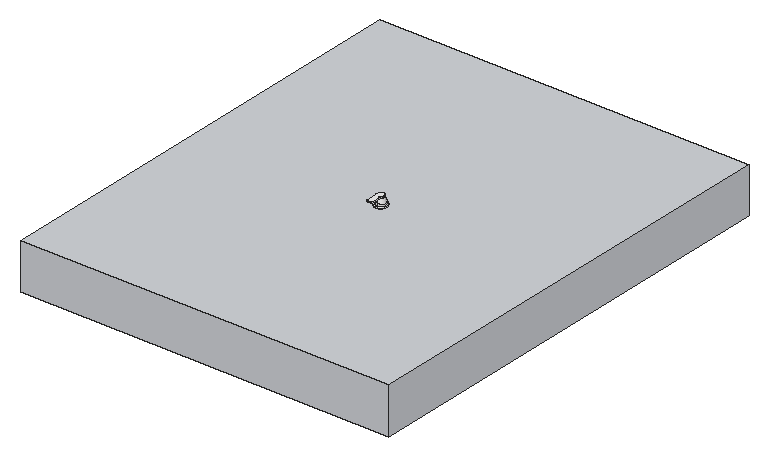
Revit family "Trim_Set-GROHE-Defined-29299_Series", category Plumbing Fixtures, host Face, Revit 2019
Family settings
  Host = Face
  Round Connector Dimension = Use Diameter
  Part Type = Normal
  OmniClass Number = 23.45.05.14.17
  OmniClass Title = Showers
  Cut with Voids When Loaded = No
  Shared = Yes
  Room Calculation Point = No
Parameters (values of type "29299000")
  cUPC Compliant = yes
  Width = 3 1/8"  # constant formula
  Waste Connection = no
  Warranty Information = "Limited lifetime warranty"  # constant formula
  WFU = 0  # constant formula
  Vent Connection = no
  URL = "https://www.grohe.us/"
  Type Comments = ""
  Top Flow Rate = "3.0 gpm"
  Tempered Water Connection = yes
  Spout Tempered Connection Diameter = if(Spout Connection, 1/2", 0")  # 1/2"
  Spout Connection Description = if(Spout Connection, "1/2 NPT Spout Global Outlet", "")  # "1/2 NPT Spout Global Outlet"
  Spout Connection = yes
  Shower Tempered Connection Diameter = if(Shower Connection, 1/2", 0")  # 1/2"
  Shower Connection Description = if(Shower Connection, "1/2 NPT Global Shower Outlet", "")  # "1/2 NPT Global Shower Outlet"
  Shower Connection = yes
  Revised Date = "06/06/2023"  # constant formula
  Product Page URL = "https://www.grohe.us/Bath-Shower-Trim-Kits/Pressure-Balance-Valve-Trim/GROHE-CHROME-29298000"
  Product Documentation Link = "https://americanstandard.box.com/shared/static/3sypuc5k9qyl7vecyqh6eje1fnvupn0p.pdf"
  Model = "29299000"
  Material = "Brass-Grohe-000-Starlight Chrome"
  Manufacturer = "Grohe"  # constant formula
  Length = 2 3/8"  # constant formula
  Installation Type = "Wall Mounted"  # constant formula
  Hot Water Connection Radius = Hot Water Connection Diameter / 2  # 1/4"
  Hot Water Connection Diameter = Cold Water Connection Diameter  # 1/2"
  HWFU = 3  # constant formula
  HW Connection = yes
  Finish = Brass-Grohe-000-Starlight Chrome
  Description = "DEFINED 2-Way Diverter Trim Starlight Chrome"
  Default Elevation = 44"  # constant formula
  Creation Date = "03/04/2019"  # constant formula
  Connection From Wall front To Central of pipe = 2 1/8"
  Cold Water Connection Radius = 1/4"  # constant formula
  Cold Water Connection Diameter = Cold Water Connection Radius * 2  # 1/2"
  CWFU = 3  # constant formula
  CW Connection = yes
  Bottom Flow Rate = "5.2 gpm"
  Assembly Code = "D2010710"
  ADA Compliant = yes
  35112000 Pressure Balance Rough In Valve = no
  35110000 Pressure Balance Rough In Valve = no
Types (2): name | Product Page URL | Model | Material | Finish | Description
  29299000 | "https://www.grohe.us/Bath-Shower-Trim-Kits/Pressure-Balance-Valve-Trim/GROHE-CHROME-29298000" | "29299000" | "Brass-Grohe-000-Starlight Chrome" | Brass-Grohe-000-Starlight Chrome | "DEFINED 2-Way Diverter Trim Starlight Chrome"
  29299EN0 | "https://www.grohe.us/Bath-Shower-Trim-Kits/Pressure-Balance-Valve-Trim/GROHE-BRUSHED-NICKEL-29298EN0" | "29299EN0" | "Brass-Grohe-EN0-Brushed Nickel" | Brass-Grohe-EN0-Brushed Nickel | "DEFINED 2-Way Diverter Trim Brushed Nickel"
Reference planes (in)
  plane 1 "Center (Front/Back)": y = 0
  plane 2: z = 0
  plane 3 "Center (Left/Right)": x = 0
  plane 4: x = -1.21875
  plane 5: x = 1.21875
  plane 6: z = 0.3125
  plane 7: z = 2.375
  plane 8: z = 2.25
  plane 9: z = 0.3125
  plane 10: y = 1.21875
  plane 11: y = -1.21875
  plane 12: z = -2.125
  plane 13: y = 1.5625
  plane 14: y = 1.5625
  plane 15: y = -1.5625
Forms (in)
  Extrusion 1, solid
    sketch origin (0, 0, 0) x (1, 0, 0) y (0, 1, 0)
      loop
        line (-48, 59.78125) -> (-48, -57.50108) -> (48, -57.50108) -> (48, 59.78125) -> (-48, 59.78125)
    from 0 to -12
  Revolve 2, solid, material "Brass-Grohe-000-Starlight Chrome" <- "Finish"
    sketch origin (0, 0, 0) x (0, 1, 0) y (0, 0, 1)
      loop
        line (0, 0.27257) -> (0, 0) -> (1.5625, 0) -> (1.5625, 0.1875)
        arc (1.5625, 0.1875) -> (1.52589, 0.27589) -> (1.4375, 0.3125) r 0.125
        line (1.4375, 0.3125) -> (1.14713, 0.3125) -> (1.14713, 0.27257) -> (0, 0.27257)
      axis (0, 0.3125) -> (0, 0)
    angle from 0 to 360
  Extrusion 3, solid, material "Brass-Grohe-000-Starlight Chrome" <- "Finish", not visible
    sketch origin (0, 0, -0.125) x (0, 1, 0) y (0, 0, 1)
      loop
        circle (0, -2) r 0.25
    from -1.21875 to 1.21875
  Extrusion 4, solid, material "Brass-Grohe-000-Starlight Chrome" <- "Finish"
    sketch origin (0, 0, 0) x (1, 0, 0) y (0, 1, 0)
      loop
        line (-0.44118, -3.71875) -> (0.44118, -3.71875)
        arc (0.44118, -3.71875) -> (0.61331, -3.65006) -> (0.69084, -3.48173) r 0.25
        line (0.69084, -3.48173) -> (0.83686, -0.67314)
        arc (0.83686, -0.67314) -> (0.84361, -0.49994) -> (0.84586, -0.32662) r 6.67424
        line (0.84586, -0.32662) -> (0.84586, 0.00538)
        arc (0.84586, 0.00538) -> (0, 0.85124) -> (-0.84586, 0.00538) r 0.84586
        line (-0.84586, 0.00538) -> (-0.84586, -0.4746)
        arc (-0.84586, -0.4746) -> (-0.84553, -0.49999) -> (-0.84454, -0.52536) r 0.97771
        line (-0.84454, -0.52536) -> (-0.69084, -3.48173)
        arc (-0.69084, -3.48173) -> (-0.61331, -3.65006) -> (-0.44118, -3.71875) r 0.25
    from 2.25 to 2.375
  Revolve 5, solid, material "Brass-Grohe-000-Starlight Chrome" <- "Finish"
    sketch origin (0, 0, 0.00065) x (0, 1, 0) y (0, 0, 1)
      loop
        line (0, 2.375) -> (0, 0.27257) -> (1.14087, 0.27257) -> (1.14087, 0.76) -> (1.10115, 0.77559) -> (1.14087, 0.77559) -> (0.8716, 2.08416)
        arc (0.8716, 2.08416) -> (0.86821, 2.10627) -> (0.86708, 2.1286) r 0.22053
        line (0.86708, 2.1286) -> (0.86708, 2.375) -> (0, 2.375)
      axis (0, 0.27257) -> (0, 2.375)
    angle from 0 to 360
  Extrusion 6, solid, material "Brass-Grohe-000-Starlight Chrome" <- "Finish", not visible
    sketch origin (0, 0, 0) x (-1, 0, 0) y (0, 0, 1)
      loop
        circle (0, -2.125) r 0.25
    from -1.21875 to 1.21875
  Revolve 7, solid, material "Brass-Grohe-000-Starlight Chrome" <- "Finish"
    sketch origin (0, 0, 0) x (1, 0, 0) y (0, 0, 1)
      loop
        line (0, 0.3125) -> (-0.25, 0.3125) -> (-0.25, -2.375) -> (0, -2.375) -> (0, 0.3125)
      axis (0, 0.3125) -> (0, -2.375)
    angle from 0 to 360
Cuts and joins
  joined: Extrusion 4, Revolve 5
  joined: Extrusion 3, Extrusion 6
Lines and regions (in)
  Masking region 1
    outline origin (0, 0, 0) x (1, 0, 0) y (0, 0, 1)
      loop
        line (1.56201, 0) -> (1.56201, 0.1915)
        arc (1.56201, 0.1915) -> (1.52657, 0.27706) -> (1.44101, 0.3125) r 0.121
        line (1.44101, 0.3125) -> (1.14088, 0.3125) -> (1.14088, 0.76067) -> (1.10034, 0.77624) -> (1.14048, 0.77624) -> (0.87237, 2.08105)
        arc (0.87237, 2.08105) -> (0.8684, 2.10693) -> (0.86708, 2.13307) r 0.25841
        line (0.86708, 2.13307) -> (0.86708, 2.375) -> (-0.86708, 2.375) -> (-0.86708, 2.12479)
        arc (-0.86708, 2.12479) -> (-0.86794, 2.10782) -> (-0.87051, 2.09102) r 0.16779
        line (-0.87051, 2.09102) -> (-1.14069, 0.77624) -> (-1.10112, 0.77624) -> (-1.14069, 0.7607) -> (-1.14069, 0.3125) -> (-1.42987, 0.3125)
        arc (-1.42987, 0.3125) -> (-1.52029, 0.27505) -> (-1.55774, 0.18463) r 0.12787
        line (-1.55774, 0.18463) -> (-1.55774, 0) -> (1.56201, 0)
  Masking region 2, detail levels medium+fine
    outline origin (0, 0, 0) x (1, 0, 0) y (0, 0, 1)
      loop
        line (1.21875, -2.375) -> (1.21875, -1.875) -> (0.25, -1.875) -> (0.25, 0) -> (-0.25, 0) -> (-0.25, -1.875) -> (-1.21875, -1.875) -> (-1.21875, -2.375) -> (1.21875, -2.375)
  symbolic lines, detail levels fine
    curve 1: line (1.10034, 0, 0.77624) -> (-1.10112, 0, 0.77624)
    curve 2: line (1.23457, 0, 0.3125) -> (-1.2347, 0, 0.3125)
    curve 3: line (1.14088, 0, 0.76067) -> (-1.14036, 0, 0.76067)
Dimensions and locks (in)
  plane 6 to level = 5/16"
  locked: plane 7 to plane 8 at 0.125
  plane 9 to level = 5/16"
  locked: Revolve 2 sketch curve to Revolve 2 sketch curve at 0.03993
  locked: Revolve 2 sketch curve to plane 1 "Center (Front/Back)" at 1.14713
  "Connection From Wall front To Central of pipe": level to plane 12
  "Width": plane 14 to plane 15
  "Length": plane 7 to level
  equal spacing: plane 14, plane 1 "Center (Front/Back)", plane 15
  locked: Revolve 7 sketch curve to Revolve 7 sketch curve at 0.25
  aligned and locked: plane 2 to Extrusion 1
  aligned and locked: level to Extrusion 1
  aligned and locked: plane 6 to Revolve 2 sketch curve
  aligned and locked: plane 1 "Center (Front/Back)" to Extrusion 3 sketch curve
  aligned and locked: plane 7 to Extrusion 4
  aligned and locked: Extrusion 4 to plane 8
  aligned and locked: Revolve 5 sketch curve to plane 1 "Center (Front/Back)"
  aligned and locked: plane 1 "Center (Front/Back)" to Revolve 5 sketch curve
  aligned and locked: Extrusion 3 to plane 4
  aligned and locked: Extrusion 3 to plane 5
  aligned and locked: plane 11 to cut or joined group of Extrusion 3, Extrusion 6
  aligned and locked: plane 10 to Extrusion 6
  aligned and locked: Extrusion 6 to plane 11
  aligned and locked: plane 12 to Extrusion 3 sketch curve
  aligned and locked: plane 12 to Extrusion 6 sketch curve
  aligned and locked: plane 3 "Center (Left/Right)" to Extrusion 6 sketch curve
  aligned and locked: Revolve 2 sketch curve to plane 13
  aligned and locked: cut or joined group of Extrusion 4, Revolve 5 to curve 1
  aligned and locked: plane 9 to curve 2
  aligned and locked: plane 14 to plane 13
  aligned and locked: Masking region 1 sketch curve to plane 9
  aligned and locked: Masking region 1 sketch curve to curve 1
  aligned and locked: Revolve 7 sketch curve to plane 3 "Center (Left/Right)"
  aligned and locked: Revolve 7 sketch curve to Revolve 2  (x2)
  aligned and locked: Masking region 2 to Revolve 7 sketch curve
Automatic sketch dimensions
  Extrusion 1 sketch curve to Extrusion 1 sketch curve = 96"
  Extrusion 1 sketch curve to Extrusion 1 sketch curve = 117.28233"
  Extrusion 4 sketch curve to plane 3 "Center (Left/Right)" = 0"
  Extrusion 4 sketch curve to plane 3 "Center (Left/Right)" = 0.44118"
  Extrusion 4 sketch curve to Extrusion 4 sketch curve = 0.24966"  (x2)
  plane 4 to Extrusion 4 sketch curve = 0.37421"
  Extrusion 4 sketch curve to Extrusion 4 sketch curve = 0.00132"
  plane 1 "Center (Front/Back)" to Extrusion 4 sketch curve = 0.32662"
  Extrusion 4 sketch curve to plane 4 = 4.60963"
  plane 3 "Center (Left/Right)" to Extrusion 4 sketch curve = 0.13185"
  plane 3 "Center (Left/Right)" to Extrusion 4 sketch curve = 0.44118"
  Extrusion 4 sketch curve to Extrusion 4 sketch curve = 0.009"
  Extrusion 4 sketch curve to plane 11 = 2 1/4"
  Extrusion 4 sketch curve to Extrusion 4 sketch curve = 0"
  Extrusion 4 sketch curve to Extrusion 4 sketch curve = 0.01298"
  plane 1 "Center (Front/Back)" to Extrusion 4 sketch curve = 0.52536"
  Extrusion 4 sketch curve to plane 1 "Center (Front/Back)" = 0.00538"
  Revolve 5 sketch curve to plane 10 = 0.35167"
  Revolve 5 sketch curve to plane 8 = 0.16519"
  Revolve 5 sketch curve to Revolve 5 sketch curve = 0.00453"
  Revolve 5 sketch curve to plane 8 = 0.12075"
  Revolve 5 sketch curve to plane 10 = 0.1176"
  Revolve 5 sketch curve to Revolve 5 sketch curve = 0.03972"
  Revolve 5 sketch curve to Revolve 5 sketch curve = 0"
  Revolve 5 sketch curve to plane 9 = 0.46374"
  Revolve 5 sketch curve to Revolve 5 sketch curve = 0.01559"
  plane 9 to Revolve 5 sketch curve = 0.03928"
  plane 7 to Revolve 5 sketch curve = 0.00065"
  Revolve 5 sketch curve to Revolve 5 sketch curve = 5/8"
  Revolve 5 sketch curve to Revolve 5 sketch curve = 1/2"
  Revolve 2 sketch curve to plane 1 "Center (Front/Back)" = 0"  (x2)
  Revolve 2 sketch curve to level = 0"
  Revolve 2 sketch curve to plane 6 = 1/8"
  plane 7 to Revolve 2 sketch curve = 3.43335"
  Revolve 2 sketch curve to Revolve 2 sketch curve = 0.35576"
  Masking region 1 sketch curve to level = 0"
  Masking region 1 sketch curve to plane 7 = 0"
  Masking region 1 sketch curve to plane 9 = 0"
  Masking region 1 sketch curve to plane 4 = 0.33899"
  Masking region 1 sketch curve to Masking region 1 sketch curve = 0.12787"
  plane 4 to Masking region 1 sketch curve = 0.07806"
  Masking region 1 sketch curve to Masking region 1 sketch curve = 0"
  Masking region 1 sketch curve to Masking region 1 sketch curve = 0.03957"
  plane 4 to Masking region 1 sketch curve = 0.18388"
  Masking region 1 sketch curve to plane 8 = 0.15898"
  Masking region 1 sketch curve to Masking region 1 sketch curve = 0.16435"
  Masking region 1 sketch curve to Masking region 1 sketch curve = 0.00343"
  Masking region 1 sketch curve to plane 8 = 0.11693"
  plane 5 to Masking region 1 sketch curve = 0.35167"
  Masking region 1 sketch curve to plane 8 = 0.16895"
  Masking region 1 sketch curve to Masking region 1 sketch curve = 0.00529"
  plane 5 to Masking region 1 sketch curve = 0.11841"
  Masking region 1 sketch curve to Masking region 1 sketch curve = 0.04014"
  Masking region 1 sketch curve to Masking region 1 sketch curve = 0.0004"
  Masking region 1 sketch curve to plane 5 = 0.22226"
  Masking region 1 sketch curve to Masking region 1 sketch curve = 0.121"
  Masking region 1 sketch curve to Masking region 1 sketch curve = 0.01556"
  Masking region 1 sketch curve to plane 9 = 0.4482"
  Masking region 1 sketch curve to Masking region 1 sketch curve = 0.01554"
  curve 2 to plane 4 = 0.01595"
  plane 4 to curve 3 = 0.07839"
  curve 3 to curve 1 = 0.03924"
  plane 5 to curve 1 = 0.11841"
  curve 1 to curve 3 = 0.04054"
  curve 2 to plane 5 = 0.01582"
  curve 3 to curve 1 = 0.01556"
  Revolve 7 sketch curve to Revolve 7 sketch curve = 1.49861"
  Revolve 7 sketch curve to Revolve 7 sketch curve = 0.31389"
  Masking region 2 sketch curve to plane 4 = 0"
  Masking region 2 sketch curve to level = 0"
  plane 5 to Masking region 2 sketch curve = 0"
  Masking region 2 sketch curve to plane 3 "Center (Left/Right)" = 1/4"
  plane 3 "Center (Left/Right)" to Masking region 2 sketch curve = 1/4"
  plane 12 to Masking region 2 sketch curve = 1/4"  (x2)
  Masking region 2 sketch curve to plane 12 = 1/4"
  radius of Extrusion 6 sketch curve = 1/4"
  radius of Extrusion 3 sketch curve = 1/4"
Connectors (in)
  piping at (1.21875, 0, -2.125), diameter 0.5, driven by "Cold Water Connection Diameter", driven by "CWFU"
    settings: on Extrusion 3, index 3, connector inside diameter 24", connector length 0", flow factor 0, pipe flow 0 GPM, pressure drop 0.00 psi, fitting loss kfactor 0, connector angle 0.00°, fixture units 3, engagement length 0", angle of deflection 0.00°, flow configuration 3, flow direction 1, fitting loss method 0, system type 20, joint type 0, gender type 0, connector reference index -1, connector utility 0, adjustable connector no, is connector primary yes, connector description "1/2\" NPT CW Inlet"
  piping at (-1.21875, 0, -2.125), diameter 0.5, driven by "Hot Water Connection Diameter", driven by "HWFU"
    settings: on cut or joined group of Extrusion 3, Extrusion 6, index 4, connector inside diameter 24", connector length 0", flow factor 0, pipe flow 0 GPM, pressure drop 0.00 psi, fitting loss kfactor 0, connector angle 0.00°, fixture units 3, engagement length 0", angle of deflection 0.00°, flow configuration 3, flow direction 1, fitting loss method 0, system type 19, joint type 0, gender type 0, connector reference index -1, connector utility 0, adjustable connector no, is connector primary no, connector description "1/2\" NPT HW Inlet"
  piping at (0, 1.21875, -2.125), diameter 0.5, driven by "Shower Tempered Connection Diameter", driven by "Shower Connection Description"
    settings: on cut or joined group of Extrusion 3, Extrusion 6, index 5, connector inside diameter 24", connector length 0", flow factor 0, pipe flow 0 GPM, pressure drop 0.00 psi, fitting loss kfactor 0, connector angle 0.00°, fixture units 0, engagement length 0", angle of deflection 0.00°, flow configuration 0, flow direction 2, fitting loss method 0, system type 29, joint type 0, gender type 0, connector reference index -1, connector utility 0, adjustable connector no, is connector primary no, connector description "1/2 NPT Global Shower Outlet"
  piping at (0, -1.21875, -2.125), diameter 0.5, driven by "Spout Tempered Connection Diameter", driven by "Spout Connection Description"
    settings: on cut or joined group of Extrusion 3, Extrusion 6, index 6, connector inside diameter 24", connector length 0", flow factor 0, pipe flow 0 GPM, pressure drop 0.00 psi, fitting loss kfactor 0, connector angle 0.00°, fixture units 0, engagement length 0", angle of deflection 0.00°, flow configuration 0, flow direction 2, fitting loss method 0, system type 29, joint type 0, gender type 0, connector reference index -1, connector utility 0, adjustable connector no, is connector primary no, connector description "1/2 NPT Spout Global Outlet"
